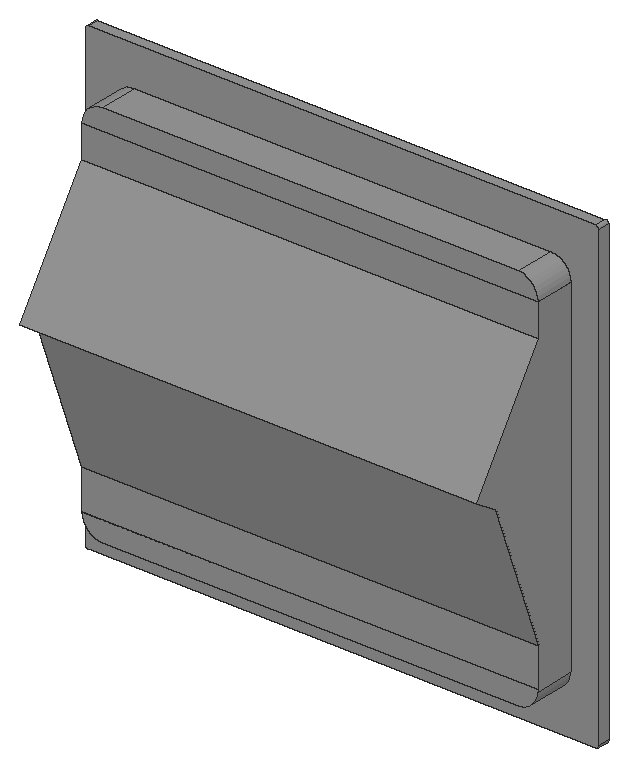
Revit family "L&L_LUCE&LIGHT_PASITO_1.1", category Lighting Fixtures, host Wall, Revit 2018 (continued)
Types (2, lengths in mm): name | built-in parameter 1150142 | Photometric Web File
  PASITO_1.1 – 60° | "IESNA:LM-63-2002\r\n[TEST] PASITO 11 30K80 60 ANTR - 20181002-1710.LDT\r\n[TESTLAB] L&L\r\n[TESTDATE] 2 Oct 2018\r\n[ISSUEDATE] 2 Oct 2018\r\n[MANUFAC] L&L\r\n[LUMCAT] PASITO 1.1 BE 60° [2700K 8.5W 24Vdc] white\r\n[LUMINAIRE] PASITO 1.1 BE 60° [2700K 8.5W 24Vdc] white\r\n[FLASHAREA] 0.000015\r\n[LAMPCAT] Power LED\r\n[LAMP] Power LED\r\nTILT=NONE\r\n1 272.00 1.0 181 73 1 2 0.002 0.030 0.000\r\n1.00 1.00 8.50\r\n0.00 1.00 2.00 3.00 4.00 5.00 6.00 7.00 8.00 9.00 10.00 \r\n11.00 12.00 13.00 14.00 15.00 16.00 17.00 18.00 19.00 \r\n20.00 21.00 22.00 23.00 24.00 25.00 26.00 27.00 28.00 \r\n29.00 30.00 31.00 32.00 33.00 34.00 35.00 36.00 37.00 \r\n38.00 39.00 40.00 41.00 42.00 43.00 44.00 45.00 46.00 \r\n47.00 48.00 49.00 50.00 51.00 52.00 53.00 54.00 55.00 \r\n56.00 57.00 58.00 59.00 60.00 61.00 62.00 63.00 64.00 \r\n65.00 66.00 67.00 68.00 69.00 70.00 71.00 72.00 73.00 \r\n74.00 75.00 76.00 77.00 78.00 79.00 80.00 81.00 82.00 \r\n83.00 84.00 85.00 86.00 87.00 88.00 89.00 90.00 91.00 \r\n92.00 93.00 94.00 95.00 96.00 97.00 98.00 99.00 100.00 \r\n101.00 102.00 103.00 104.00 105.00 106.00 107.00 108.00 \r\n109.00 110.00 111.00 112.00 113.00 114.00 115.00 116.00 \r\n117.00 118.00 119.00 120.00 121.00 122.00 123.00 124.00 \r\n125.00 126.00 127.00 128.00 129.00 130.00 131.00 132.00 \r\n133.00 134.00 135.00 136.00 137.00 138.00 139.00 140.00 \r\n141.00 142.00 143.00 144.00 145.00 146.00 147.00 148.00 \r\n149.00 150.00 151.00 152.00 153.00 154.00 155.00 156.00 \r\n157.00 158.00 159.00 160.00 161.00 162.00 163.00 164.00 \r\n165.00 166.00 167.00 168.00 169.00 170.00 171.00 172.00 \r\n173.00 174.00 175.00 176.00 177.00 178.00 179.00 180.00 \r\n0.00 5.00 10.00 15.00 20.00 25.00 30.00 35.00 40.00 45.00 \r\n50.00 55.00 60.00 65.00 70.00 75.00 80.00 85.00 90.00 \r\n95.00 100.00 105.00 110.00 115.00 120.00 125.00 130.00 \r\n135.00 140.00 145.00 150.00 155.00 160.00 165.00 170.00 \r\n175.00 180.00 185.00 190.00 195.00 200.00 205.00 210.00 \r\n215.00 220.00 225.00 230.00 235.00 240.00 245.00 250.00 \r\n255.00 260.00 265.00 270.00 275.00 280.00 285.00 290.00 \r\n295.00 300.00 305.00 310.00 315.00 320.00 325.00 330.00 \r\n335.00 340.00 345.00 350.00 355.00 360.00 \r\n0.07 0.07 0.07 0.07 0.07 0.07 0.07 0.07 0.07 0.07 0.07 \r\n0.07 0.07 0.07 0.08 0.08 0.08 0.08 0.08 0.09 0.09 0.09 \r\n0.09 0.09 0.10 0.10 0.10 0.10 0.11 0.11 0.11 0.11 0.11 \r\n0.12 0.12 0.12 0.12 0.13 0.13 0.13 0.13 0.14 0.14 0.14 \r\n0.14 0.15 0.15 0.15 0.15 0.15 0.16 0.16 0.16 0.16 0.17 \r\n0.17 0.17 0.17 0.17 0.17 0.18 0.18 0.18 0.18 0.18 0.18 \r\n0.19 0.19 0.19 0.19 0.19 0.19 0.19 0.19 0.20 0.20 0.20 \r\n0.20 0.20 0.20 0.20 0.20 0.21 0.21 0.21 0.21 0.21 0.21 \r\n0.21 0.21 0.22 0.22 0.22 0.22 0.22 0.22 0.22 0.22 0.22 \r\n0.22 0.22 0.22 0.22 0.22 0.22 0.22 0.22 0.22 0.22 0.21 \r\n0.21 0.21 0.21 0.21 0.21 0.20 0.20 0.20 0.20 0.19 0.19 \r\n0.19 0.19 0.18 0.18 0.18 0.18 0.18 0.17 0.17 0.17 0.17 \r\n0.16 0.16 0.16 0.15 0.15 0.15 0.14 0.14 0.14 0.13 0.13 \r\n0.13 0.12 0.12 0.11 0.11 0.11 0.10 0.10 0.09 0.09 0.09 \r\n0.08 0.08 0.08 0.07 0.07 0.07 0.06 0.06 0.06 0.06 0.05 \r\n0.05 0.05 0.05 0.04 0.04 0.04 0.04 0.04 0.04 0.04 0.04 \r\n0.04 0.03 0.03 0.02 0.02 \r\n0.07 0.07 0.06 0.05 0.04 0.04 0.03 0.02 0.02 0.01 0.01 \r\n0.00 0.00 0.00 0.00 0.00 0.00 0.00 0.00 0.00 0.00 0.00 \r\n0.00 0.00 0.00 0.00 0.00 0.00 0.00 0.00 0.00 0.00 0.00 \r\n0.00 0.00 0.00 0.00 0.00 0.00 0.00 0.00 0.00 0.00 0.00 \r\n0.00 0.00 0.00 0.00 0.00 0.00 0.00 0.00 0.00 0.00 0.00 \r\n0.00 0.00 0.00 0.00 0.00 0.00 0.00 0.00 0.00 0.00 0.00 \r\n0.00 0.00 0.00 0.00 0.00 0.00 0.00 0.00 0.00 0.00 0.00 \r\n0.00 0.00 0.00 0.00 0.00 0.00 0.00 0.00 0.00 0.00 0.00 \r\n0.00 0.00 0.00 0.00 0.00 0.00 0.00 0.00 0.00 0.00 0.00 \r\n0.00 0.00 0.00 0.00 0.00 0.00 0.00 0.00 0.00 0.00 0.00 \r\n0.00 0.00 0.00 0.00 0.00 0.00 0.00 0.00 0.00 0.00 0.00 \r\n0.00 0.00 0.00 0.00 0.00 0.00 0.00 0.00 0.00 0.00 0.00 \r\n0.00 0.00 0.00 0.00 0.00 0.00 0.00 0.00 0.00 0.00 0.00 \r\n0.00 0.00 0.00 0.00 0.00 0.00 0.00 0.00 0.00 0.00 0.00 \r\n0.00 0.00 0.00 0.00 0.00 0.00 0.00 0.00 0.00 0.00 0.00 \r\n0.00 0.00 0.00 0.00 0.00 0.00 0.01 0.01 0.01 0.01 0.02 \r\n0.02 0.02 0.02 0.02 0.02 \r\n0.07 0.06 0.05 0.03 0.02 0.01 0.00 0.00 0.00 0.00 0.00 \r\n0.00 0.00 0.00 0.00 0.00 0.00 0.00 0.00 0.00 0.00 0.00 \r\n0.00 0.00 0.00 0.00 0.00 0.00 0.00 0.00 0.00 0.00 0.00 \r\n0.00 0.00 0.00 0.00 0.00 0.00 0.00 0.00 0.00 0.00 0.00 \r\n0.00 0.00 0.00 0.00 0.00 0.00 0.00 0.00 0.00 0.00 0.00 \r\n0.00 0.00 0.00 0.00 0.00 0.00 0.00 0.00 0.00 0.00 0.00 \r\n0.00 0.00 0.00 0.00 0.00 0.00 0.00 0.00 0.00 0.00 0.00 \r\n0.00 0.00 0.00 0.00 0.00 0.00 0.00 0.00 0.00 0.00 0.00 \r\n0.00 0.00 0.00 0.00 0.00 0.00 0.00 0.00 0.00 0.00 0.00 \r\n0.00 0.00 0.00 0.00 0.00 0.00 0.00 0.00 0.00 0.00 0.00 \r\n0.00 0.00 0.00 0.00 0.00 0.00 0.00 0.00 0.00 0.00 0.00 \r\n0.00 0.00 0.00 0.00 0.00 0.00 0.00 0.00 0.00 0.00 0.00 \r\n0.00 0.00 0.00 0.00 0.00 0.00 0.00 0.00 0.00 0.00 0.00 \r\n0.00 0.00 0.00 0.00 0.00 0.00 0.00 0.00 0.00 0.00 0.00 \r\n0.00 0.00 0.00 0.00 0.00 0.00 0.00 0.00 0.00 0.00 0.00 \r\n0.00 0.00 0.00 0.00 0.00 0.00 0.00 0.00 0.00 0.00 0.00 \r\n0.01 0.01 0.02 0.02 0.02 \r\n0.07 0.05 0.04 0.02 0.00 0.00 0.00 0.00 0.00 0.00 0.00 \r\n0.00 0.00 0.00 0.00 0.00 0.00 0.00 0.00 0.00 0.00 0.00 \r\n0.00 0.00 0.00 0.00 0.00 0.00 0.00 0.00 0.00 0.00 0.00 \r\n0.00 0.00 0.00 0.00 0.00 0.00 0.00 0.00 0.00 0.00 0.00 \r\n0.00 0.00 0.00 0.00 0.00 0.00 0.00 0.00 0.00 0.00 0.00 \r\n0.00 0.00 0.00 0.00 0.00 0.00 0.00 0.00 0.00 0.00 0.00 \r\n0.00 0.00 0.00 0.00 0.00 0.00 0.00 0.00 0.00 0.00 0.00 \r\n0.00 0.00 0.00 0.00 0.00 0.00 0.00 0.00 0.00 0.00 0.00 \r\n0.00 0.00 0.00 0.00 0.00 0.00 0.00 0.00 0.00 0.00 0.00 \r\n0.00 0.00 0.00 0.00 0.00 0.00 0.00 0.00 0.00 0.00 0.00 \r\n0.00 0.00 0.00 0.00 0.00 0.00 0.00 0.00 0.00 0.00 0.00 \r\n0.00 0.00 0.00 0.00 0.00 0.00 0.00 0.00 0.00 0.00 0.00 \r\n0.00 0.00 0.00 0.00 0.00 0.00 0.00 0.00 0.00 0.00 0.00 \r\n0.00 0.00 0.00 0.00 0.00 0.00 0.00 0.00 0.00 0.00 0.00 \r\n0.00 0.00 0.00 0.00 0.00 0.00 0.00 0.00 0.00 0.00 0.00 \r\n0.00 0.00 0.00 0.00 0.00 0.00 0.00 0.00 0.00 0.00 0.00 \r\n0.00 0.01 0.01 0.02 0.02 \r\n0.07 0.05 0.02 0.00 0.00 0.00 0.00 0.00 0.00 0.00 0.00 \r\n0.00 0.00 0.00 0.00 0.00 0.00 0.00 0.00 0.00 0.00 0.00 \r\n0.00 0.00 0.00 0.00 0.00 0.00 0.00 0.00 0.00 0.00 0.00 \r\n0.00 0.00 0.00 0.00 0.00 0.00 0.00 0.00 0.00 0.00 0.00 \r\n0.00 0.00 0.00 0.00 0.00 0.00 0.00 0.00 0.00 0.00 0.00 \r\n0.00 0.00 0.00 0.00 0.00 0.00 0.00 0.00 0.00 0.00 0.00 \r\n0.00 0.00 0.00 0.00 0.00 0.00 0.00 0.00 0.00 0.00 0.00 \r\n0.00 0.00 0.00 0.00 0.00 0.00 0.00 0.00 0.00 0.00 0.00 \r\n0.00 0.00 0.00 0.00 0.00 0.00 0.00 0.00 0.00 0.00 0.00 \r\n0.00 0.00 0.00 0.00 0.00 0.00 0.00 0.00 0.00 0.00 0.00 \r\n0.00 0.00 0.00 0.00 0.00 0.00 0.00 0.00 0.00 0.00 0.00 \r\n0.00 0.00 0.00 0.00 0.00 0.00 0.00 0.00 0.00 0.00 0.00 \r\n0.00 0.00 0.00 0.00 0.00 0.00 0.00 0.00 0.00 0.00 0.00 \r\n0.00 0.00 0.00 0.00 0.00 0.00 0.00 0.00 0.00 0.00 0.00 \r\n0.00 0.00 0.00 0.00 0.00 0.00 0.00 0.00 0.00 0.00 0.00 \r\n0.00 0.00 0.00 0.00 0.00 0.00 0.00 0.00 0.00 0.00 0.00 \r\n0.00 0.00 0.01 0.01 0.02 \r\n0.07 0.04 0.01 0.00 0.00 0.00 0.00 0.00 0.00 0.00 0.00 \r\n0.00 0.00 0.00 0.00 0.00 0.00 0.00 0.00 0.00 0.00 0.00 \r\n0.00 0.00 0.00 0.00 0.00 0.00 0.00 0.00 0.00 0.00 0.00 \r\n0.00 0.00 0.00 0.00 0.00 0.00 0.00 0.00 0.00 0.00 0.00 \r\n0.00 0.00 0.00 0.00 0.00 0.00 0.00 0.00 0.00 0.00 0.00 \r\n0.00 0.00 0.00 0.00 0.00 0.00 0.00 0.00 0.00 0.00 0.00 \r\n0.00 0.00 0.00 0.00 0.00 0.00 0.00 0.00 0.00 0.00 0.00 \r\n0.00 0.00 0.00 0.00 0.00 0.00 0.00 0.00 0.00 0.00 0.00 \r\n0.00 0.00 0.00 0.00 0.00 0.00 0.00 0.00 0.00 0.00 0.00 \r\n0.00 0.00 0.00 0.00 0.00 0.00 0.00 0.00 0.00 0.00 0.00 \r\n0.00 0.00 0.00 0.00 0.00 0.00 0.00 0.00 0.00 0.00 0.00 \r\n0.00 0.00 0.00 0.00 0.00 0.00 0.00 0.00 0.00 0.00 0.00 \r\n0.00 0.00 0.00 0.00 0.00 0.00 0.00 0.00 0.00 0.00 0.00 \r\n0.00 0.00 0.00 0.00 0.00 0.00 0.00 0.00 0.00 0.00 0.00 \r\n0.00 0.00 0.00 0.00 0.00 0.00 0.00 0.00 0.00 0.00 0.00 \r\n0.00 0.00 0.00 0.00 0.00 0.00 0.00 0.00 0.00 0.00 0.00 \r\n0.00 0.00 0.00 0.01 0.02 \r\n0.07 0.04 0.00 0.00 0.00 0.00 0.00 0.00 0.00 0.00 0.00 \r\n0.00 0.00 0.00 0.00 0.00 0.00 0.00 0.00 0.00 0.00 0.00 \r\n0.00 0.00 0.00 0.00 0.00 0.00 0.00 0.00 0.00 0.00 0.00 \r\n0.00 0.00 0.00 0.00 0.00 0.00 0.00 0.00 0.00 0.00 0.00 \r\n0.00 0.00 0.00 0.00 0.00 0.00 0.00 0.00 0.00 0.00 0.00 \r\n0.00 0.00 0.00 0.00 0.00 0.00 0.00 0.00 0.00 0.00 0.00 \r\n0.00 0.00 0.00 0.00 0.00 0.00 0.00 0.00 0.00 0.00 0.00 \r\n0.00 0.00 0.00 0.00 0.00 0.00 0.00 0.00 0.00 0.00 0.00 \r\n0.00 0.00 0.00 0.00 0.00 0.00 0.00 0.00 0.00 0.00 0.00 \r\n0.00 0.00 0.00 0.00 0.00 0.00 0.00 0.00 0.00 0.00 0.00 \r\n0.00 0.00 0.00 0.00 0.00 0.00 0.00 0.00 0.00 0.00 0.00 \r\n0.00 0.00 0.00 0.00 0.00 0.00 0.00 0.00 0.00 0.00 0.00 \r\n0.00 0.00 0.00 0.00 0.00 0.00 0.00 0.00 0.00 0.00 0.00 \r\n0.00 0.00 0.00 0.00 0.00 0.00 0.00 0.00 0.00 0.00 0.00 \r\n0.00 0.00 0.00 0.00 0.00 0.00 0.00 0.00 0.00 0.00 0.00 \r\n0.00 0.00 0.00 0.00 0.00 0.00 0.00 0.00 0.00 0.00 0.00 \r\n0.00 0.00 0.00 0.01 0.02 \r\n0.07 0.03 0.00 0.00 0.00 0.00 0.00 0.00 0.00 0.00 0.00 \r\n0.00 0.00 0.00 0.00 0.00 0.00 0.00 0.00 0.00 0.00 0.00 \r\n0.00 0.00 0.00 0.00 0.00 0.00 0.00 0.00 0.00 0.00 0.00 \r\n0.00 0.00 0.00 0.00 0.00 0.00 0.00 0.00 0.00 0.00 0.00 \r\n0.00 0.00 0.00 0.00 0.00 0.00 0.00 0.00 0.00 0.00 0.00 \r\n0.00 0.00 0.00 0.00 0.00 0.00 0.00 0.00 0.00 0.00 0.00 \r\n0.00 0.00 0.00 0.00 0.00 0.00 0.00 0.00 0.00 0.00 0.00 \r\n0.00 0.00 0.00 0.00 0.00 0.00 0.00 0.00 0.00 0.00 0.00 \r\n0.00 0.00 0.00 0.00 0.00 0.00 0.00 0.00 0.00 0.00 0.00 \r\n0.00 0.00 0.00 0.00 0.00 0.00 0.00 0.00 0.00 0.00 0.00 \r\n0.00 0.00 0.00 0.00 0.00 0.00 0.00 0.00 0.00 0.00 0.00 \r\n0.00 0.00 0.00 0.00 0.00 0.00 0.00 0.00 0.00 0.00 0.00 \r\n0.00 0.00 0.00 0.00 0.00 0.00 0.00 0.00 0.00 0.00 0.00 \r\n0.00 0.00 0.00 0.00 0.00 0.00 0.00 0.00 0.00 0.00 0.00 \r\n0.00 0.00 0.00 0.00 0.00 0.00 0.00 0.00 0.00 0.00 0.00 \r\n0.00 0.00 0.00 0.00 0.00 0.00 0.00 0.00 0.00 0.00 0.00 \r\n0.00 0.00 0.00 0.01 0.02 \r\n0.07 0.03 0.00 0.00 0.00 0.00 0.00 0.00 0.00 0.00 0.00 \r\n0.00 0.00 0.00 0.00 0.00 0.00 0.00 0.00 0.00 0.00 0.00 \r\n0.00 0.00 0.00 0.00 0.00 0.00 0.00 0.00 0.00 0.00 0.00 \r\n0.00 0.00 0.00 0.00 0.00 0.00 0.00 0.00 0.00 0.00 0.00 \r\n0.00 0.00 0.00 0.00 0.00 0.00 0.00 0.00 0.00 0.00 0.00 \r\n0.00 0.00 0.00 0.00 0.00 0.00 0.00 0.00 0.00 0.00 0.00 \r\n0.00 0.00 0.00 0.00 0.00 0.00 0.00 0.00 0.00 0.00 0.00 \r\n0.00 0.00 0.00 0.00 0.00 0.00 0.00 0.00 0.00 0.00 0.00 \r\n0.00 0.00 0.00 0.00 0.00 0.00 0.00 0.00 0.00 0.00 0.00 \r\n0.00 0.00 0.00 0.00 0.00 0.00 0.00 0.00 0.00 0.00 0.00 \r\n0.00 0.00 0.00 0.00 0.00 0.00 0.00 0.00 0.00 0.00 0.00 \r\n0.00 0.00 0.00 0.00 0.00 0.00 0.00 0.00 0.00 0.00 0.00 \r\n0.00 0.00 0.00 0.00 0.00 0.00 0.00 0.00 0.00 0.00 0.00 \r\n0.00 0.00 0.00 0.00 0.00 0.00 0.00 0.00 0.00 0.00 0.00 \r\n0.00 0.00 0.00 0.00 0.00 0.00 0.00 0.00 0.00 0.00 0.00 \r\n0.00 0.00 0.00 0.00 0.00 0.00 0.00 0.00 0.00 0.00 0.00 \r\n0.00 0.00 0.00 0.01 0.02 \r\n0.07 0.02 0.00 0.00 0.00 0.00 0.00 0.00 0.00 0.00 0.00 \r\n0.00 0.00 0.00 0.00 0.00 0.00 0.00 0.00 0.00 0.00 0.00 \r\n0.00 0.00 0.00 0.00 0.00 0.00 0.00 0.00 0.00 0.00 0.00 \r\n0.00 0.00 0.00 0.00 0.00 0.00 0.00 0.00 0.00 0.00 0.00 \r\n0.00 0.00 0.00 0.00 0.00 0.00 0.00 0.00 0.00 0.00 0.00 \r\n0.00 0.00 0.00 0.00 0.00 0.00 0.00 0.00 0.00 0.00 0.00 \r\n0.00 0.00 0.00 0.00 0.00 0.00 0.00 0.00 0.00 0.00 0.00 \r\n0.00 0.00 0.00 0.00 0.00 0.00 0.00 0.00 0.00 0.00 0.00 \r\n0.00 0.00 0.00 0.00 0.00 0.00 0.00 0.00 0.00 0.00 0.00 \r\n0.00 0.00 0.00 0.00 0.00 0.00 0.00 0.00 0.00 0.00 0.00 \r\n0.00 0.00 0.00 0.00 0.00 0.00 0.00 0.00 0.00 0.00 0.00 \r\n0.00 0.00 0.00 0.00 0.00 0.00 0.00 0.00 0.00 0.00 0.00 \r\n0.00 0.00 0.00 0.00 0.00 0.00 0.00 0.00 0.00 0.00 0.00 \r\n0.00 0.00 0.00 0.00 0.00 0.00 0.00 0.00 0.00 0.00 0.00 \r\n0.00 0.00 0.00 0.00 0.00 0.00 0.00 0.00 0.00 0.00 0.00 \r\n0.00 0.00 0.00 0.00 0.00 0.00 0.00 0.00 0.00 0.00 0.00 \r\n0.00 0.00 0.00 0.00 0.02 \r\n0.07 0.02 0.00 0.00 0.00 0.00 0.00 0.00 0.00 0.00 0.00 \r\n0.00 0.00 0.00 0.00 0.00 0.00 0.00 0.00 0.00 0.00 0.00 \r\n0.00 0.00 0.00 0.00 0.00 0.00 0.00 0.00 0.00 0.00 0.00 \r\n0.00 0.00 0.00 0.00 0.00 0.00 0.00 0.00 0.00 0.00 0.00 \r\n0.00 0.00 0.00 0.00 0.00 0.00 0.00 0.00 0.00 0.00 0.00 \r\n0.00 0.00 0.00 0.00 0.00 0.00 0.00 0.00 0.00 0.00 0.00 \r\n0.00 0.00 0.00 0.00 0.00 0.00 0.00 0.00 0.00 0.00 0.00 \r\n0.00 0.00 0.00 0.00 0.00 0.00 0.00 0.00 0.00 0.00 0.00 \r\n0.00 0.00 0.00 0.00 0.00 0.00 0.00 0.00 0.00 0.00 0.00 \r\n0.00 0.00 0.00 0.00 0.00 0.00 0.00 0.00 0.00 0.00 0.00 \r\n0.00 0.00 0.00 0.00 0.00 0.00 0.00 0.00 0.00 0.00 0.00 \r\n0.00 0.00 0.00 0.00 0.00 0.00 0.00 0.00 0.00 0.00 0.00 \r\n0.00 0.00 0.00 0.00 0.00 0.00 0.00 0.00 0.00 0.00 0.00 \r\n0.00 0.00 0.00 0.00 0.00 0.00 0.00 0.00 0.00 0.00 0.00 \r\n0.00 0.00 0.00 0.00 0.00 0.00 0.00 0.00 0.00 0.00 0.00 \r\n0.00 0.00 0.00 0.00 0.00 0.00 0.00 0.00 0.00 0.00 0.00 \r\n0.00 0.00 0.00 0.00 0.02 \r\n0.07 0.01 0.00 0.00 0.00 0.00 0.00 0.00 0.00 0.00 0.00 \r\n0.00 0.00 0.00 0.00 0.00 0.00 0.00 0.00 0.00 0.00 0.00 \r\n0.00 0.00 0.00 0.00 0.00 0.00 0.00 0.00 0.00 0.00 0.00 \r\n0.00 0.00 0.00 0.00 0.00 0.00 0.00 0.00 0.00 0.00 0.00 \r\n0.00 0.00 0.00 0.00 0.00 0.00 0.00 0.00 0.00 0.00 0.00 \r\n0.00 0.00 0.00 0.00 0.00 0.00 0.00 0.00 0.00 0.00 0.00 \r\n0.00 0.00 0.00 0.00 0.00 0.00 0.00 0.00 0.00 0.00 0.00 \r\n0.00 0.00 0.00 0.00 0.00 0.00 0.00 0.00 0.00 0.00 0.00 \r\n0.00 0.00 0.00 0.00 0.00 0.00 0.00 0.00 0.00 0.00 0.00 \r\n0.00 0.00 0.00 0.00 0.00 0.00 0.00 0.00 0.00 0.00 0.00 \r\n0.00 0.00 0.00 0.00 0.00 0.00 0.00 0.00 0.00 0.00 0.00 \r\n0.00 0.00 0.00 0.00 0.00 0.00 0.00 0.00 0.00 0.00 0.00 \r\n0.00 0.00 0.00 0.00 0.00 0.00 0.00 0.00 0.00 0.00 0.00 \r\n0.00 0.00 0.00 0.00 0.00 0.00 0.00 0.00 0.00 0.00 0.00 \r\n0.00 0.00 0.00 0.00 0.00 0.00 0.00 0.00 0.00 0.00 0.00 \r\n0.00 0.00 0.00 0.00 0.00 0.00 0.00 0.00 0.00 0.00 0.00 \r\n0.00 0.00 0.00 0.00 0.02 \r\n0.07 0.01 0.00 0.00 0.00 0.00 0.00 0.00 0.00 0.00 0.00 \r\n0.00 0.00 0.00 0.00 0.00 0.00 0.00 0.00 0.00 0.00 0.00 \r\n0.00 0.00 0.00 0.00 0.00 0.00 0.00 0.00 0.00 0.00 0.00 \r\n0.00 0.00 0.00 0.00 0.00 0.00 0.00 0.00 0.00 0.00 0.00 \r\n0.00 0.00 0.00 0.00 0.00 0.00 0.00 0.00 0.00 0.00 0.00 \r\n0.00 0.00 0.00 0.00 0.00 0.00 0.00 0.00 0.00 0.00 0.00 \r\n0.00 0.00 0.00 0.00 0.00 0.00 0.00 0.00 0.00 0.00 0.00 \r\n0.00 0.00 0.00 0.00 0.00 0.00 0.00 0.00 0.00 0.00 0.00 \r\n0.00 0.00 0.00 0.00 0.00 0.00 0.00 0.00 0.00 0.00 0.00 \r\n0.00 0.00 0.00 0.00 0.00 0.00 0.00 0.00 0.00 0.00 0.00 \r\n0.00 0.00 0.00 0.00 0.00 0.00 0.00 0.00 0.00 0.00 0.00 \r\n0.00 0.00 0.00 0.00 0.00 0.00 0.00 0.00 0.00 0.00 0.00 \r\n0.00 0.00 0.00 0.00 0.00 0.00 0.00 0.00 0.00 0.00 0.00 \r\n0.00 0.00 0.00 0.00 0.00 0.00 0.00 0.00 0.00 0.00 0.00 \r\n0.00 0.00 0.00 0.00 0.00 0.00 0.00 0.00 0.00 0.00 0.00 \r\n0.00 0.00 0.00 0.00 0.00 0.00 0.00 0.00 0.00 0.00 0.00 \r\n0.00 0.00 0.00 0.00 0.02 \r\n0.07 0.01 0.00 0.00 0.00 0.00 0.00 0.00 0.00 0.00 0.00 \r\n0.00 0.00 0.00 0.00 0.00 0.00 0.00 0.00 0.00 0.00 0.00 \r\n0.00 0.00 0.00 0.00 0.00 0.00 0.00 0.00 0.00 0.00 0.00 \r\n0.00 0.00 0.00 0.00 0.00 0.00 0.00 0.00 0.00 0.00 0.00 \r\n0.00 0.00 0.00 0.00 0.00 0.00 0.00 0.00 0.00 0.00 0.00 \r\n0.00 0.00 0.00 0.00 0.00 0.00 0.00 0.00 0.00 0.00 0.00 \r\n0.00 0.00 0.00 0.00 0.00 0.00 0.00 0.00 0.00 0.00 0.00 \r\n0.00 0.00 0.00 0.00 0.00 0.00 0.00 0.00 0.00 0.00 0.00 \r\n0.00 0.00 0.00 0.00 0.00 0.00 0.00 0.00 0.00 0.00 0.00 \r\n0.00 0.00 0.00 0.00 0.00 0.00 0.00 0.00 0.00 0.00 0.00 \r\n0.00 0.00 0.00 0.00 0.00 0.00 0.00 0.00 0.00 0.00 0.00 \r\n0.00 0.00 0.00 0.00 0.00 0.00 0.00 0.00 0.00 0.00 0.00 \r\n0.00 0.00 0.00 0.00 0.00 0.00 0.00 0.00 0.00 0.00 0.00 \r\n0.00 0.00 0.00 0.00 0.00 0.00 0.00 0.00 0.00 0.00 0.00 \r\n0.00 0.00 0.00 0.00 0.00 0.00 0.00 0.00 0.00 0.00 0.00 \r\n0.00 0.00 0.00 0.00 0.00 0.00 0.00 0.00 0.00 0.00 0.00 \r\n0.00 0.00 0.00 0.00 0.02 \r\n0.07 0.00 0.00 0.00 0.00 0.00 0.00 0.00 0.00 0.00 0.00 \r\n0.00 0.00 0.00 0.00 0.00 0.00 0.00 0.00 0.00 0.00 0.00 \r\n0.00 0.00 0.00 0.00 0.00 0.00 0.00 0.00 0.00 0.00 0.00 \r\n0.00 0.00 0.00 0.00 0.00 0.00 0.00 0.00 0.00 0.00 0.00 \r\n0.00 0.00 0.00 0.00 0.00 0.00 0.00 0.00 0.00 0.00 0.00 \r\n0.00 0.00 0.00 0.00 0.00 0.00 0.00 0.00 0.00 0.00 0.00 \r\n0.00 0.00 0.00 0.00 0.00 0.00 0.00 0.00 0.00 0.00 0.00 \r\n0.00 0.00 0.00 0.00 0.00 0.00 0.00 0.00 0.00 0.00 0.00 \r\n0.00 0.00 0.00 0.00 0.00 0.00 0.00 0.00 0.00 0.00 0.00 \r\n0.00 0.00 0.00 0.00 0.00 0.00 0.00 0.00 0.00 0.00 0.00 \r\n0.00 0.00 0.00 0.00 0.00 0.00 0.00 0.00 0.00 0.00 0.00 \r\n0.00 0.00 0.00 0.00 0.00 0.00 0.00 0.00 0.00 0.00 0.00 \r\n0.00 0.00 0.00 0.00 0.00 0.00 0.0
